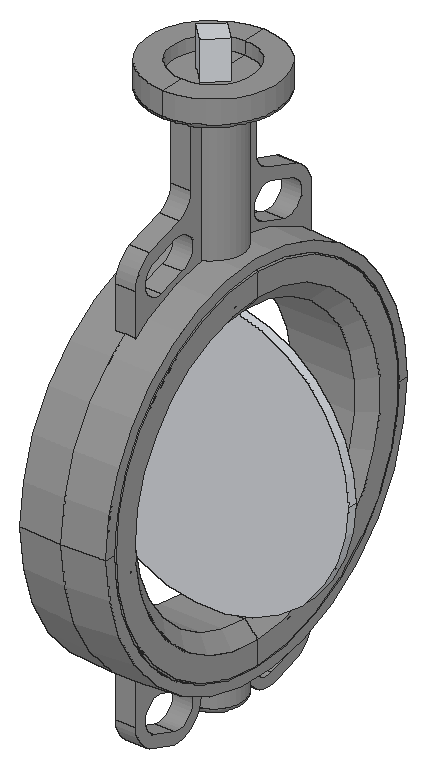
Revit family "Запорно-регулирующая заслонка ZF-4219", category Rohrzubehör, Revit 2018 (continued)
Automatic sketch dimensions
  Extrusion 8 sketch curve to Extrusion 8 sketch curve = 9.76 mm  (x2)
  Extrusion 8 sketch curve to Extrusion 8 sketch curve = 46.144 mm
  Extrusion 8 sketch curve to Extrusion 8 sketch curve = 0.006 mm
  Extrusion 8 sketch curve to Extrusion 8 sketch curve = 0.159 mm  (x2)
  Extrusion 8 sketch curve to Extrusion 8 sketch curve = 0.225 mm  (x2)
  Extrusion 8 sketch curve to Extrusion 8 sketch curve = 3.156 mm
  Extrusion 7 sketch curve to Extrusion 7 sketch curve = 0 mm  (x29)
  Extrusion 7 sketch curve to level = 0 mm
  Extrusion 7 sketch curve to plane 1 "Mitte (Vorne/hinten)" = 0 mm
  Extrusion 7 sketch curve to Extrusion 7 sketch curve = 4.987 mm  (x2)
  plane 1 "Mitte (Vorne/hinten)" to Extrusion 7 sketch curve = 42.642 mm
  Extrusion 7 sketch curve to Extrusion 7 sketch curve = 3.28 mm  (x2)
  Extrusion 7 sketch curve to Extrusion 7 sketch curve = 14.935 mm  (x2)
  Extrusion 7 sketch curve to Extrusion 7 sketch curve = 11.589 mm  (x2)
  Extrusion 7 sketch curve to Extrusion 7 sketch curve = 14.868 mm  (x2)
  Extrusion 7 sketch curve to Extrusion 7 sketch curve = 33.628 mm  (x4)
  Extrusion 7 sketch curve to Extrusion 7 sketch curve = 3.946 mm  (x4)
  Extrusion 7 sketch curve to Extrusion 7 sketch curve = 12.021 mm  (x8)
  Extrusion 7 sketch curve to Extrusion 7 sketch curve = 8.075 mm  (x8)
  plane 1 "Mitte (Vorne/hinten)" to Extrusion 7 sketch curve = 21.03 mm
  Extrusion 7 sketch curve to Extrusion 7 sketch curve = 5.5 mm
  Extrusion 7 sketch curve to Extrusion 7 sketch curve = 0.54 mm  (x2)
  Extrusion 7 sketch curve to Extrusion 7 sketch curve = 0.103 mm
  Extrusion 7 sketch curve to Extrusion 7 sketch curve = 1.99 mm  (x2)
  plane 1 "Mitte (Vorne/hinten)" to Extrusion 7 sketch curve = 18.5 mm
  Extrusion 7 sketch curve to plane 1 "Mitte (Vorne/hinten)" = 18.5 mm  (x2)
  Extrusion 7 sketch curve to Extrusion 7 sketch curve = 1.897 mm
  Extrusion 7 sketch curve to Extrusion 7 sketch curve = 2 mm
  Extrusion 7 sketch curve to Extrusion 7 sketch curve = 21.612 mm
  Extrusion 7 sketch curve to level = 59.454 mm  (x2)
  Extrusion 7 sketch curve to Extrusion 7 sketch curve = 10.049 mm  (x4)
  Extrusion 7 sketch curve to Extrusion 7 sketch curve = 20.666 mm  (x2)
  Extrusion 7 sketch curve to Extrusion 7 sketch curve = 1.725 mm  (x2)
  Extrusion 7 sketch curve to Extrusion 7 sketch curve = 12.438 mm  (x4)
  level to Extrusion 7 sketch curve = 59.454 mm  (x2)
  Extrusion 7 sketch curve to Extrusion 7 sketch curve = 15.768 mm  (x2)
  Extrusion 7 sketch curve to Extrusion 7 sketch curve = 0.361 mm  (x2)
  Extrusion 7 sketch curve to Extrusion 7 sketch curve = 69.242 mm
  Extrusion 7 sketch curve to Extrusion 7 sketch curve = 0.014 mm
  Extrusion 7 sketch curve to Extrusion 7 sketch curve = 0.29 mm  (x2)
  Extrusion 6 sketch curve to Extrusion 6 sketch curve = 0 mm  (x31)
  Extrusion 6 sketch curve to level = 0 mm
  Extrusion 6 sketch curve to plane 1 "Mitte (Vorne/hinten)" = 0 mm
  plane 1 "Mitte (Vorne/hinten)" to Extrusion 6 sketch curve = 18.5 mm  (x2)
  Extrusion 6 sketch curve to Extrusion 6 sketch curve = 1.897 mm  (x2)
  Extrusion 6 sketch curve to Extrusion 6 sketch curve = 2 mm
  Extrusion 6 sketch curve to Extrusion 6 sketch curve = 4.154 mm  (x2)
  Extrusion 6 sketch curve to Extrusion 6 sketch curve = 5.603 mm
  Extrusion 6 sketch curve to Extrusion 6 sketch curve = 12 mm  (x2)
  Extrusion 6 sketch curve to Extrusion 6 sketch curve = 21.682 mm  (x2)
  Extrusion 6 sketch curve to Extrusion 6 sketch curve = 2.182 mm  (x2)
  Extrusion 6 sketch curve to Extrusion 6 sketch curve = 11.109 mm  (x4)
  Extrusion 6 sketch curve to Extrusion 6 sketch curve = 30.529 mm  (x4)
  Extrusion 6 sketch curve to Extrusion 6 sketch curve = 4.781 mm  (x4)
  Extrusion 6 sketch curve to Extrusion 6 sketch curve = 1.414 mm  (x8)
  Extrusion 6 sketch curve to Extrusion 6 sketch curve = 7.24 mm  (x8)
  Extrusion 6 sketch curve to Extrusion 6 sketch curve = 12.021 mm  (x8)
  Extrusion 6 sketch curve to plane 1 "Mitte (Vorne/hinten)" = 18.5 mm
  Extrusion 6 sketch curve to Extrusion 6 sketch curve = 7.5 mm
  Extrusion 6 sketch curve to Extrusion 6 sketch curve = 0.103 mm
  Extrusion 6 sketch curve to level = 50.036 mm  (x2)
  Extrusion 6 sketch curve to Extrusion 6 sketch curve = 17.112 mm  (x2)
  Extrusion 6 sketch curve to Extrusion 6 sketch curve = 9.185 mm  (x4)
  Extrusion 6 sketch curve to Extrusion 6 sketch curve = 20.608 mm  (x2)
  Extrusion 6 sketch curve to Extrusion 6 sketch curve = 12.868 mm  (x3)
  Extrusion 6 sketch curve to Extrusion 6 sketch curve = 9.096 mm  (x2)
  level to Extrusion 6 sketch curve = 50.036 mm  (x2)
  Extrusion 6 sketch curve to Extrusion 6 sketch curve = 17 mm
  Extrusion 6 sketch curve to Extrusion 6 sketch curve = 56.845 mm
  Extrusion 6 sketch curve to Extrusion 6 sketch curve = 0.017 mm
  Extrusion 6 sketch curve to Extrusion 6 sketch curve = 0.29 mm  (x2)
  Extrusion 5 sketch curve to Extrusion 5 sketch curve = 0 mm  (x25)
  Extrusion 5 sketch curve to level = 0 mm
  Extrusion 5 sketch curve to plane 1 "Mitte (Vorne/hinten)" = 0 mm
  plane 1 "Mitte (Vorne/hinten)" to Extrusion 5 sketch curve = 18.5 mm  (x2)
  Extrusion 5 sketch curve to Extrusion 5 sketch curve = 0.579 mm  (x2)
  Extrusion 5 sketch curve to Extrusion 5 sketch curve = 1.897 mm  (x2)
  Extrusion 5 sketch curve to Extrusion 5 sketch curve = 0.103 mm
  Extrusion 5 sketch curve to Extrusion 5 sketch curve = 5.603 mm
  Extrusion 5 sketch curve to Extrusion 5 sketch curve = 15.942 mm  (x4)
  Extrusion 5 sketch curve to Extrusion 5 sketch curve = 13 mm  (x2)
  Extrusion 5 sketch curve to Extrusion 5 sketch curve = 11.367 mm  (x4)
  Extrusion 5 sketch curve to Extrusion 5 sketch curve = 25.663 mm  (x4)
  Extrusion 5 sketch curve to Extrusion 5 sketch curve = 4.027 mm  (x4)
  Extrusion 5 sketch curve to Extrusion 5 sketch curve = 12.021 mm  (x5)
  Extrusion 5 sketch curve to Extrusion 5 sketch curve = 9.55 mm  (x4)
  Extrusion 5 sketch curve to Extrusion 5 sketch curve = 7.5 mm
  Extrusion 5 sketch curve to plane 1 "Mitte (Vorne/hinten)" = 18.5 mm  (x2)
  Extrusion 5 sketch curve to Extrusion 5 sketch curve = 2 mm
  Extrusion 5 sketch curve to level = 38.887 mm  (x2)
  Extrusion 5 sketch curve to Extrusion 5 sketch curve = 10.986 mm  (x3)
  Extrusion 5 sketch curve to Extrusion 5 sketch curve = 10.231 mm  (x3)
  Extrusion 5 sketch curve to Extrusion 5 sketch curve = 10.467 mm  (x4)
  Extrusion 5 sketch curve to Extrusion 5 sketch curve = 12.18 mm  (x2)
  Extrusion 5 sketch curve to Extrusion 5 sketch curve = 12.641 mm  (x4)
  Extrusion 5 sketch curve to Extrusion 5 sketch curve = 9.983 mm  (x2)
  level to Extrusion 5 sketch curve = 38.887 mm  (x2)
  Extrusion 5 sketch curve to Extrusion 5 sketch curve = 21.217 mm
  Extrusion 5 sketch curve to Extrusion 5 sketch curve = 16.969 mm  (x2)
  Extrusion 5 sketch curve to Extrusion 5 sketch curve = 51.117 mm
  Extrusion 5 sketch curve to Extrusion 5 sketch curve = 0.01 mm
  Extrusion 5 sketch curve to Extrusion 5 sketch curve = 0.29 mm  (x2)
  level to Extrusion 5 sketch curve = 49.873 mm
  Extrusion 4 sketch curve to Extrusion 4 sketch curve = 0 mm  (x28)
  Extrusion 4 sketch curve to level = 0 mm
  Extrusion 4 sketch curve to plane 1 "Mitte (Vorne/hinten)" = 0 mm
  plane 1 "Mitte (Vorne/hinten)" to Extrusion 4 sketch curve = 18.5 mm  (x2)
  Extrusion 4 sketch curve to Extrusion 4 sketch curve = 1.897 mm  (x2)
  Extrusion 4 sketch curve to Extrusion 4 sketch curve = 0.103 mm  (x2)
  Extrusion 4 sketch curve to Extrusion 4 sketch curve = 5.603 mm  (x2)
  Extrusion 4 sketch curve to Extrusion 4 sketch curve = 12.115 mm  (x4)
  Extrusion 4 sketch curve to Extrusion 4 sketch curve = 9 mm  (x2)
  Extrusion 4 sketch curve to Extrusion 4 sketch curve = 11.39 mm  (x2)
  Extrusion 4 sketch curve to Extrusion 4 sketch curve = 7.005 mm  (x2)
  Extrusion 4 sketch curve to Extrusion 4 sketch curve = 22.772 mm  (x4)
  Extrusion 4 sketch curve to Extrusion 4 sketch curve = 4.597 mm  (x4)
  Extrusion 4 sketch curve to Extrusion 4 sketch curve = 1.485 mm  (x4)
  Extrusion 4 sketch curve to Extrusion 4 sketch curve = 12.021 mm  (x4)
  Extrusion 4 sketch curve to Extrusion 4 sketch curve = 9.247 mm  (x4)
  Extrusion 4 sketch curve to plane 1 "Mitte (Vorne/hinten)" = 18.5 mm  (x2)
  Extrusion 4 sketch curve to level = 31.935 mm  (x2)
  Extrusion 4 sketch curve to Extrusion 4 sketch curve = 1.34 mm  (x4)
  Extrusion 4 sketch curve to Extrusion 4 sketch curve = 10.245 mm  (x4)
  Extrusion 4 sketch curve to Extrusion 4 sketch curve = 9.866 mm  (x4)
  Extrusion 4 sketch curve to Extrusion 4 sketch curve = 9.447 mm  (x4)
  Extrusion 4 sketch curve to Extrusion 4 sketch curve = 11.077 mm  (x4)
  Extrusion 4 sketch curve to Extrusion 4 sketch curve = 11.926 mm  (x2)
  level to Extrusion 4 sketch curve = 31.935 mm  (x2)
  Extrusion 4 sketch curve to Extrusion 4 sketch curve = 12.62 mm  (x2)
  Extrusion 4 sketch curve to Extrusion 4 sketch curve = 12.99 mm  (x2)
  Extrusion 4 sketch curve to Extrusion 4 sketch curve = 41.354 mm
  Extrusion 4 sketch curve to Extrusion 4 sketch curve = 0.018 mm
  Extrusion 4 sketch curve to Extrusion 4 sketch curve = 0.29 mm  (x2)
  Extrusion 3 sketch curve to Extrusion 3 sketch curve = 0 mm  (x23)
  Extrusion 3 sketch curve to level = 0 mm
  Extrusion 3 sketch curve to plane 1 "Mitte (Vorne/hinten)" = 0 mm
  plane 1 "Mitte (Vorne/hinten)" to Extrusion 3 sketch curve = 18 mm
  Extrusion 3 sketch curve to Extrusion 3 sketch curve = 1.897 mm  (x2)
  Extrusion 3 sketch curve to Extrusion 3 sketch curve = 0.103 mm  (x2)
  plane 1 "Mitte (Vorne/hinten)" to Extrusion 3 sketch curve = 22.391 mm
  Extrusion 3 sketch curve to Extrusion 3 sketch curve = 1.414 mm  (x14)
  Extrusion 3 sketch curve to Extrusion 3 sketch curve = 6.103 mm  (x2)
  Extrusion 3 sketch curve to Extrusion 3 sketch curve = 2 mm  (x2)
  Extrusion 3 sketch curve to Extrusion 3 sketch curve = 7.709 mm  (x4)
  Extrusion 3 sketch curve to Extrusion 3 sketch curve = 13.318 mm  (x5)
  Extrusion 3 sketch curve to Extrusion 3 sketch curve = 15.842 mm  (x5)
  Extrusion 3 sketch curve to Extrusion 3 sketch curve = 10.233 mm
  Extrusion 3 sketch curve to Extrusion 3 sketch curve = 3.184 mm  (x7)
  Extrusion 3 sketch curve to Extrusion 3 sketch curve = 6.315 mm  (x8)
  Extrusion 3 sketch curve to Extrusion 3 sketch curve = 3.021 mm  (x4)
  Extrusion 3 sketch curve to Extrusion 3 sketch curve = 5.303 mm  (x8)
  Extrusion 3 sketch curve to level = 23.805 mm  (x2)
  Extrusion 3 sketch curve to Extrusion 3 sketch curve = 3.106 mm  (x6)
  level to Extrusion 3 sketch curve = 23.805 mm  (x2)
  Extrusion 3 sketch curve to Extrusion 3 sketch curve = 6.654 mm  (x4)
  Extrusion 3 sketch curve to Extrusion 3 sketch curve = 9.77 mm  (x4)
  Extrusion 3 sketch curve to plane 1 "Mitte (Vorne/hinten)" = 18 mm
  Extrusion 3 sketch curve to plane 1 "Mitte (Vorne/hinten)" = 22.391 mm
  Extrusion 3 sketch curve to Extrusion 3 sketch curve = 5.708 mm  (x2)
  Extrusion 3 sketch curve to Extrusion 3 sketch curve = 3.131 mm
  level to Extrusion 3 sketch curve = 42.831 mm
  Extrusion 3 sketch curve to Extrusion 3 sketch curve = 4.045 mm
  Extrusion 3 sketch curve to Extrusion 3 sketch curve = 12.379 mm
  Extrusion 3 sketch curve to Extrusion 3 sketch curve = 68.43 mm
  Extrusion 3 sketch curve to Extrusion 3 sketch curve = 0.003 mm
  Extrusion 3 sketch curve to Extrusion 3 sketch curve = 0.316 mm  (x2)
  curve 12 to level = 0 mm
  curve 12 to plane 3 "Mitte (Links/rechts)" = 0 mm
  plane 1 "Mitte (Vorne/hinten)" to curve 6 = 0 mm
  curve 6 to plane 3 "Mitte (Links/rechts)" = 0 mm
  Revolve 1 sketch curve to plane 1 "Mitte (Vorne/hinten)" = 0 mm
  Revolve 1 sketch curve to Revolve 1 sketch curve = 0.987 mm
  Revolve 1 sketch curve to Revolve 1 sketch curve = 1.5 mm  (x3)
  Revolve 1 sketch curve to Revolve 1 sketch curve = 0.513 mm  (x2)
  Revolve 1 sketch curve to Revolve 1 sketch curve = 0.915 mm  (x2)
  Revolve 1 sketch curve to Revolve 1 sketch curve = 1978.5 mm  (x2)
  Revolve 11 sketch curve to plane 1 "Mitte (Vorne/hinten)" = 0 mm  (x2)
  Revolve 11 sketch curve to Revolve 11 sketch curve = 3 mm
  Revolve 11 sketch curve to Revolve 11 sketch curve = 459.992 mm
  level to Revolve 11 sketch curve = 2741.474 mm
  Revolve 12 sketch curve to plane 1 "Mitte (Vorne/hinten)" = 0 mm  (x3)
  Revolve 12 sketch curve to Revolve 12 sketch curve = 1.895 mm
  Revolve 12 sketch curve to Revolve 12 sketch curve = 2 mm  (x2)
  Revolve 12 sketch curve to Revolve 12 sketch curve = 0.105 mm
  Revolve 12 sketch curve to level = 520.992 mm
  Revolve 12 sketch curve to Revolve 12 sketch curve = 2616.474 mm
  Revolve 13 sketch curve to level = 0 mm
  Revolve 13 sketch curve to Revolve 13 sketch curve = 1.492 mm
  Revolve 13 sketch curve to Revolve 13 sketch curve = 0.18 mm  (x2)
  Revolve 13 sketch curve to Revolve 13 sketch curve = 5.027 mm
  Revolve 13 sketch curve to Revolve 13 sketch curve = 1 mm
  Revolve 13 sketch curve to Revolve 13 sketch curve = 0.999 mm  (x2)
  Revolve 13 sketch curve to Revolve 13 sketch curve = 0.27 mm
  Revolve 13 sketch curve to Revolve 13 sketch curve = 0.957 mm
  Revolve 13 sketch curve to Revolve 13 sketch curve = 1328.99 mm
  Revolve 13 sketch curve to Revolve 13 sketch curve = 1875.983 mm
  Extrusion 14 sketch curve to level = 0 mm
  Extrusion 14 sketch curve to plane 3 "Mitte (Links/rechts)" = 0 mm
  radius of Extrusion 10 sketch curve = 12 mm  (x4)
  radius of Extrusion 9 sketch curve = 9.5 mm  (x4)
  radius of Extrusion 9 sketch curve = 14 mm  (x4)
  radius of Extrusion 7 sketch curve = 11.5 mm  (x4)
  radius of Extrusion 7 sketch curve = 9.5 mm  (x4)
  radius of Extrusion 6 sketch curve = 9.5 mm  (x8)
  radius of Extrusion 5 sketch curve = 9.5 mm  (x8)
  radius of Extrusion 4 sketch curve = 9.5 mm  (x8)
  radius of curve 12 = 7 mm
  radius of curve 6 = 5 mm
Nested families
  nested 1: "Herz-Logo-vorne" at (-20, 0, 145.5), type "Herz-Logo-vorne"
Connectors
  piping at (30.75, 0, 0), diameter 200, driven by "Nennweite"
    settings: on Revolve 13, index 1, connector inside diameter 609.6 mm, connector length 0 mm, flow factor 0, pipe flow 0.0 L/s, pressure drop 0.0 Pa, fitting loss kfactor 0, connector angle 0.00°, fixture units 0, engagement length 0 mm, angle of deflection 0.00°, flow configuration 0, flow direction 0, fitting loss method 0, system type 29, joint type 0, gender type 0, connector reference index -1, connector utility 0, adjustable connector no, is connector primary yes, connector description ""
  piping at (-30.75, 0, 0), diameter 200, driven by "Nennweite"
    settings: on Revolve 13, index 2, connector inside diameter 609.6 mm, connector length 0 mm, flow factor 0, pipe flow 0.0 L/s, pressure drop 0.0 Pa, fitting loss kfactor 0, connector angle 0.00°, fixture units 0, engagement length 0 mm, angle of deflection 0.00°, flow configuration 0, flow direction 0, fitting loss method 0, system type 29, joint type 0, gender type 0, connector reference index -1, connector utility 0, adjustable connector no, is connector primary no, connector description ""
Definition of nested family "Herz-Logo-vorne"
  Reference planes
    plane 1 "Mitte (Vorne/hinten)": y = 0
    plane 2: z = 0
    plane 3 "Mitte (Links/rechts)": x = 0
  Forms (mm)
    Extrusion 1, solid
      sketch origin (0.732, -0.018, 0.017) x (0, -1, 0) y (0, 0, 1)
        loop
          line (-0.018, -4.517) -> (4.482, -4.517) -> (4.482, 4.483) -> (-4.518, 4.483) -> (-4.518, -4.517) -> (-0.018, -4.517)
        loop
          line (-0.05, -3.48) -> (3.482, -3.48) -> (3.482, 3.483) -> (-3.518, 3.483) -> (-3.518, -3.48) -> (-0.05, -3.48)
        loop
          arc (-0.018, 2.383) -> (-1.543, 3.287) -> (-3.067, 2.383) r 1.738
          arc (-3.067, 2.383) -> (-3.191, 1.899) -> (-3.067, 1.415) r 1.009
          line (-3.067, 1.415) -> (-0.018, -3.281) -> (3.032, 1.415)
          arc (3.032, 1.415) -> (3.156, 1.899) -> (3.032, 2.383) r 1.009
          arc (3.032, 2.383) -> (1.507, 3.287) -> (-0.018, 2.383) r 1.738
        loop
          arc (1.885, 1.272) -> (2.005, 1.675) -> (1.885, 2.079) r 0.74
          arc (1.885, 2.079) -> (1.265, 2.416) -> (0.644, 2.079) r 0.74
          line (0.644, 2.079) -> (-0.018, 0.97) -> (-0.679, 2.079)
          arc (-0.679, 2.079) -> (-1.3, 2.416) -> (-1.921, 2.079) r 0.74
          arc (-1.921, 2.079) -> (-2.04, 1.675) -> (-1.921, 1.272) r 0.74
          line (-1.921, 1.272) -> (-0.018, -1.658) -> (1.885, 1.272)
      from 0 to 1.5
  Dimensions and locks
    aligned and locked: level to plane 2
